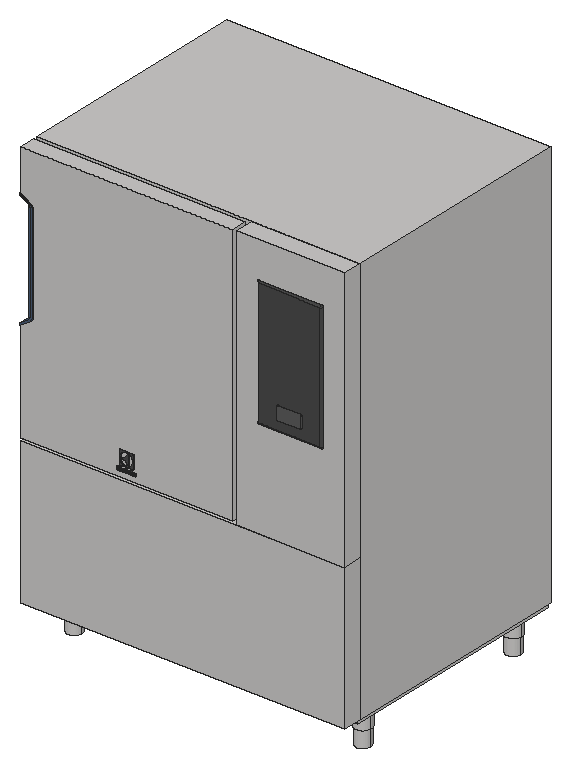
Revit family "QF_ELECTROLUXPROFESSIONAL_727908_EBFA12HE", category Specialty Equipment, Revit 2018 (continued)
Lines and regions (mm)
  Split face 221
    outline origin (170.176, -292.149, -222.619) x (-1, 0, 0) y (0, 0, -1)
      loop
        line (846.638, -548.639) -> (956.654, -548.639) -> (956.654, -543.665) -> (846.638, -543.665) -> (846.638, -548.639)
  Split face 222
    outline origin (170.176, -292.149, -213.119) x (-1, 0, 0) y (0, 0, -1)
      loop
        line (846.638, -548.639) -> (956.654, -548.639) -> (956.654, -543.665) -> (846.638, -543.665) -> (846.638, -548.639)
  Split face 223
    outline origin (170.176, -292.149, -203.619) x (-1, 0, 0) y (0, 0, -1)
      loop
        line (846.638, -548.639) -> (956.654, -548.639) -> (956.654, -543.665) -> (846.638, -543.665) -> (846.638, -548.639)
  Split face 224
    outline origin (170.176, -292.149, -194.118) x (-1, 0, 0) y (0, 0, -1)
      loop
        line (846.638, -548.639) -> (956.654, -548.639) -> (956.654, -543.665) -> (846.638, -543.665) -> (846.638, -548.639)
  Split face 225
    outline origin (170.176, -292.149, -184.618) x (-1, 0, 0) y (0, 0, -1)
      loop
        line (846.638, -548.639) -> (956.654, -548.639) -> (956.654, -543.665) -> (846.638, -543.665) -> (846.638, -548.639)
  Split face 226
    outline origin (170.176, -292.149, -175.118) x (-1, 0, 0) y (0, 0, -1)
      loop
        line (846.638, -548.639) -> (956.654, -548.639) -> (956.654, -543.665) -> (846.638, -543.665) -> (846.638, -548.639)
  Split face 227
    outline origin (170.176, -292.149, -165.618) x (-1, 0, 0) y (0, 0, -1)
      loop
        line (846.638, -548.639) -> (956.654, -548.639) -> (956.654, -543.665) -> (846.638, -543.665) -> (846.638, -548.639)
  Split face 228
    outline origin (170.176, -292.149, -156.118) x (-1, 0, 0) y (0, 0, -1)
      loop
        line (846.638, -548.639) -> (956.654, -548.639) -> (956.654, -543.665) -> (846.638, -543.665) -> (846.638, -548.639)
  Split face 229
    outline origin (170.176, -292.149, -146.618) x (-1, 0, 0) y (0, 0, -1)
      loop
        line (846.638, -548.639) -> (956.654, -548.639) -> (956.654, -543.665) -> (846.638, -543.665) -> (846.638, -548.639)
  Split face 230
    outline origin (170.176, -292.149, -137.118) x (-1, 0, 0) y (0, 0, -1)
      loop
        line (846.638, -548.639) -> (956.654, -548.639) -> (956.654, -543.665) -> (846.638, -543.665) -> (846.638, -548.639)
  Split face 231
    outline origin (170.176, -292.149, -127.618) x (-1, 0, 0) y (0, 0, -1)
      loop
        line (846.638, -548.639) -> (956.654, -548.639) -> (956.654, -543.665) -> (846.638, -543.665) -> (846.638, -548.639)
  Split face 232
    outline origin (170.176, -292.149, -118.118) x (-1, 0, 0) y (0, 0, -1)
      loop
        line (846.638, -548.639) -> (956.654, -548.639) -> (956.654, -543.665) -> (846.638, -543.665) -> (846.638, -548.639)
  Split face 233
    outline origin (170.176, -292.149, -108.618) x (-1, 0, 0) y (0, 0, -1)
      loop
        line (846.638, -548.639) -> (956.654, -548.639) -> (956.654, -543.665) -> (846.638, -543.665) -> (846.638, -548.639)
  Split face 234
    outline origin (170.176, -292.149, -99.118) x (-1, 0, 0) y (0, 0, -1)
      loop
        line (846.638, -548.639) -> (956.654, -548.639) -> (956.654, -543.665) -> (846.638, -543.665) -> (846.638, -548.639)
  Split face 235
    outline origin (170.176, -292.149, -89.618) x (-1, 0, 0) y (0, 0, -1)
      loop
        line (846.638, -548.639) -> (956.654, -548.639) -> (956.654, -543.665) -> (846.638, -543.665) -> (846.638, -548.639)
  Split face 236
    outline origin (170.176, -292.149, -80.117) x (-1, 0, 0) y (0, 0, -1)
      loop
        line (846.638, -548.639) -> (956.654, -548.639) -> (956.654, -543.665) -> (846.638, -543.665) -> (846.638, -548.639)
  Split face 237
    outline origin (170.176, -292.149, -70.617) x (-1, 0, 0) y (0, 0, -1)
      loop
        line (846.638, -548.639) -> (956.654, -548.639) -> (956.654, -543.665) -> (846.638, -543.665) -> (846.638, -548.639)
  Split face 238
    outline origin (170.176, -292.149, -61.117) x (-1, 0, 0) y (0, 0, -1)
      loop
        line (846.638, -548.639) -> (956.654, -548.639) -> (956.654, -543.665) -> (846.638, -543.665) -> (846.638, -548.639)
  Split face 239
    outline origin (170.176, -292.149, -51.617) x (-1, 0, 0) y (0, 0, -1)
      loop
        line (846.638, -548.639) -> (956.654, -548.639) -> (956.654, -543.665) -> (846.638, -543.665) -> (846.638, -548.639)
  Split face 240
    outline origin (170.176, -292.149, -42.117) x (-1, 0, 0) y (0, 0, -1)
      loop
        line (846.638, -548.639) -> (956.654, -548.639) -> (956.654, -543.665) -> (846.638, -543.665) -> (846.638, -548.639)
  Split face 241
    outline origin (170.176, -292.149, -32.617) x (-1, 0, 0) y (0, 0, -1)
      loop
        line (846.638, -548.639) -> (956.654, -548.639) -> (956.654, -543.665) -> (846.638, -543.665) -> (846.638, -548.639)
  Split face 242
    outline origin (170.176, -292.149, -23.117) x (-1, 0, 0) y (0, 0, -1)
      loop
        line (846.638, -548.639) -> (956.654, -548.639) -> (956.654, -543.665) -> (846.638, -543.665) -> (846.638, -548.639)
  Split face 243
    outline origin (170.176, -292.149, -13.617) x (-1, 0, 0) y (0, 0, -1)
      loop
        line (846.638, -548.639) -> (956.654, -548.639) -> (956.654, -543.665) -> (846.638, -543.665) -> (846.638, -548.639)
  Split face 244
    outline origin (170.176, -292.149, -4.117) x (-1, 0, 0) y (0, 0, -1)
      loop
        line (846.638, -548.639) -> (956.654, -548.639) -> (956.654, -543.665) -> (846.638, -543.665) -> (846.638, -548.639)
  Split face 245
    outline origin (170.176, -292.149, 5.383) x (-1, 0, 0) y (0, 0, -1)
      loop
        line (846.638, -548.639) -> (956.654, -548.639) -> (956.654, -543.665) -> (846.638, -543.665) -> (846.638, -548.639)
  Split face 246
    outline origin (170.176, -292.149, 14.883) x (-1, 0, 0) y (0, 0, -1)
      loop
        line (846.638, -548.639) -> (956.654, -548.639) -> (956.654, -543.665) -> (846.638, -543.665) -> (846.638, -548.639)
  Split face 247
    outline origin (50.185, -292.149, -365.12) x (-1, 0, 0) y (0, 0, -1)
      loop
        line (846.638, -548.639) -> (956.654, -548.639) -> (956.654, -543.665) -> (846.638, -543.665) -> (846.638, -548.639)
  Split face 248
    outline origin (50.185, -292.149, -355.62) x (-1, 0, 0) y (0, 0, -1)
      loop
        line (846.638, -548.639) -> (956.654, -548.639) -> (956.654, -543.665) -> (846.638, -543.665) -> (846.638, -548.639)
  Split face 249
    outline origin (50.185, -292.149, -346.12) x (-1, 0, 0) y (0, 0, -1)
      loop
        line (846.638, -548.639) -> (956.654, -548.639) -> (956.654, -543.665) -> (846.638, -543.665) -> (846.638, -548.639)
  Split face 250
    outline origin (50.185, -292.149, -336.62) x (-1, 0, 0) y (0, 0, -1)
      loop
        line (846.638, -548.639) -> (956.654, -548.639) -> (956.654, -543.665) -> (846.638, -543.665) -> (846.638, -548.639)
  Split face 251
    outline origin (50.185, -292.149, -327.12) x (-1, 0, 0) y (0, 0, -1)
      loop
        line (846.638, -548.639) -> (956.654, -548.639) -> (956.654, -543.665) -> (846.638, -543.665) -> (846.638, -548.639)
  Split face 252
    outline origin (50.185, -292.149, -317.619) x (-1, 0, 0) y (0, 0, -1)
      loop
        line (846.638, -548.639) -> (956.654, -548.639) -> (956.654, -543.665) -> (846.638, -543.665) -> (846.638, -548.639)
  Split face 253
    outline origin (50.185, -292.149, -308.119) x (-1, 0, 0) y (0, 0, -1)
      loop
        line (846.638, -548.639) -> (956.654, -548.639) -> (956.654, -543.665) -> (846.638, -543.665) -> (846.638, -548.639)
  Split face 254
    outline origin (50.185, -292.149, -298.619) x (-1, 0, 0) y (0, 0, -1)
      loop
        line (846.638, -548.639) -> (956.654, -548.639) -> (956.654, -543.665) -> (846.638, -543.665) -> (846.638, -548.639)
  Split face 255
    outline origin (50.185, -292.149, -289.119) x (-1, 0, 0) y (0, 0, -1)
      loop
        line (846.638, -548.639) -> (956.654, -548.639) -> (956.654, -543.665) -> (846.638, -543.665) -> (846.638, -548.639)
  Split face 256
    outline origin (50.185, -292.149, -279.619) x (-1, 0, 0) y (0, 0, -1)
      loop
        line (846.638, -548.639) -> (956.654, -548.639) -> (956.654, -543.665) -> (846.638, -543.665) -> (846.638, -548.639)
  Split face 257
    outline origin (50.185, -292.149, -270.119) x (-1, 0, 0) y (0, 0, -1)
      loop
        line (846.638, -548.639) -> (956.654, -548.639) -> (956.654, -543.665) -> (846.638, -543.665) -> (846.638, -548.639)
  Split face 258
    outline origin (50.185, -292.149, -260.619) x (-1, 0, 0) y (0, 0, -1)
      loop
        line (846.638, -548.639) -> (956.654, -548.639) -> (956.654, -543.665) -> (846.638, -543.665) -> (846.638, -548.639)
  Split face 259
    outline origin (50.185, -292.149, -251.119) x (-1, 0, 0) y (0, 0, -1)
      loop
        line (846.638, -548.639) -> (956.654, -548.639) -> (956.654, -543.665) -> (846.638, -543.665) -> (846.638, -548.639)
  Split face 260
    outline origin (50.185, -292.149, -241.619) x (-1, 0, 0) y (0, 0, -1)
      loop
        line (846.638, -548.639) -> (956.654, -548.639) -> (956.654, -543.665) -> (846.638, -543.665) -> (846.638, -548.639)
  Split face 261
    outline origin (50.185, -292.149, -232.119) x (-1, 0, 0) y (0, 0, -1)
      loop
        line (846.638, -548.639) -> (956.654, -548.639) -> (956.654, -543.665) -> (846.638, -543.665) -> (846.638, -548.639)
  Split face 262
    outline origin (50.185, -292.149, -222.619) x (-1, 0, 0) y (0, 0, -1)
      loop
        line (846.638, -548.639) -> (956.654, -548.639) -> (956.654, -543.665) -> (846.638, -543.665) -> (846.638, -548.639)
  Split face 263
    outline origin (50.185, -292.149, -213.119) x (-1, 0, 0) y (0, 0, -1)
      loop
        line (846.638, -548.639) -> (956.654, -548.639) -> (956.654, -543.665) -> (846.638, -543.665) -> (846.638, -548.639)
  Split face 264
    outline origin (50.185, -292.149, -203.619) x (-1, 0, 0) y (0, 0, -1)
      loop
        line (846.638, -548.639) -> (956.654, -548.639) -> (956.654, -543.665) -> (846.638, -543.665) -> (846.638, -548.639)
  Split face 265
    outline origin (50.185, -292.149, -194.118) x (-1, 0, 0) y (0, 0, -1)
      loop
        line (846.638, -548.639) -> (956.654, -548.639) -> (956.654, -543.665) -> (846.638, -543.665) -> (846.638, -548.639)
  Split face 266
    outline origin (50.185, -292.149, -184.618) x (-1, 0, 0) y (0, 0, -1)
      loop
        line (846.638, -548.639) -> (956.654, -548.639) -> (956.654, -543.665) -> (846.638, -543.665) -> (846.638, -548.639)
  Split face 267
    outline origin (50.185, -292.149, -175.118) x (-1, 0, 0) y (0, 0, -1)
      loop
        line (846.638, -548.639) -> (956.654, -548.639) -> (956.654, -543.665) -> (846.638, -543.665) -> (846.638, -548.639)
  Split face 268
    outline origin (50.185, -292.149, -165.618) x (-1, 0, 0) y (0, 0, -1)
      loop
        line (846.638, -548.639) -> (956.654, -548.639) -> (956.654, -543.665) -> (846.638, -543.665) -> (846.638, -548.639)
  Split face 269
    outline origin (50.185, -292.149, -156.118) x (-1, 0, 0) y (0, 0, -1)
      loop
        line (846.638, -548.639) -> (956.654, -548.639) -> (956.654, -543.665) -> (846.638, -543.665) -> (846.638, -548.639)
  Split face 270
    outline origin (50.185, -292.149, -146.618) x (-1, 0, 0) y (0, 0, -1)
      loop
        line (846.638, -548.639) -> (956.654, -548.639) -> (956.654, -543.665) -> (846.638, -543.665) -> (846.638, -548.639)
  Split face 271
    outline origin (50.185, -292.149, -137.118) x (-1, 0, 0) y (0, 0, -1)
      loop
        line (846.638, -548.639) -> (956.654, -548.639) -> (956.654, -543.665) -> (846.638, -543.665) -> (846.638, -548.639)
  Split face 272
    outline origin (50.185, -292.149, -127.618) x (-1, 0, 0) y (0, 0, -1)
      loop
        line (846.638, -548.639) -> (956.654, -548.639) -> (956.654, -543.665) -> (846.638, -543.665) -> (846.638, -548.639)
  Split face 273
    outline origin (50.185, -292.149, -118.118) x (-1, 0, 0) y (0, 0, -1)
      loop
        line (846.638, -548.639) -> (956.654, -548.639) -> (956.654, -543.665) -> (846.638, -543.665) -> (846.638, -548.639)
  Split face 274
    outline origin (50.185, -292.149, -108.618) x (-1, 0, 0) y (0, 0, -1)
      loop
        line (846.638, -548.639) -> (956.654, -548.639) -> (956.654, -543.665) -> (846.638, -543.665) -> (846.638, -548.639)
  Split face 275
    outline origin (50.185, -292.149, -99.118) x (-1, 0, 0) y (0, 0, -1)
      loop
        line (846.638, -548.639) -> (956.654, -548.639) -> (956.654, -543.665) -> (846.638, -543.665) -> (846.638, -548.639)
  Split face 276
    outline origin (50.185, -292.149, -89.618) x (-1, 0, 0) y (0, 0, -1)
      loop
        line (846.638, -548.639) -> (956.654, -548.639) -> (956.654, -543.665) -> (846.638, -543.665) -> (846.638, -548.639)
  Split face 277
    outline origin (50.185, -292.149, -80.117) x (-1, 0, 0) y (0, 0, -1)
      loop
        line (846.638, -548.639) -> (956.654, -548.639) -> (956.654, -543.665) -> (846.638, -543.665) -> (846.638, -548.639)
  Split face 278
    outline origin (50.185, -292.149, -70.617) x (-1, 0, 0) y (0, 0, -1)
      loop
        line (846.638, -548.639) -> (956.654, -548.639) -> (956.654, -543.665) -> (846.638, -543.665) -> (846.638, -548.639)
  Split face 279
    outline origin (50.185, -292.149, -61.117) x (-1, 0, 0) y (0, 0, -1)
      loop
        line (846.638, -548.639) -> (956.654, -548.639) -> (956.654, -543.665) -> (846.638, -543.665) -> (846.638, -548.639)
  Split face 280
    outline origin (50.185, -292.149, -51.617) x (-1, 0, 0) y (0, 0, -1)
      loop
        line (846.638, -548.639) -> (956.654, -548.639) -> (956.654, -543.665) -> (846.638, -543.665) -> (846.638, -548.639)
  Split face 281
    outline origin (50.185, -292.149, -42.117) x (-1, 0, 0) y (0, 0, -1)
      loop
        line (846.638, -548.639) -> (956.654, -548.639) -> (956.654, -543.665) -> (846.638, -543.665) -> (846.638, -548.639)
  Split face 282
    outline origin (50.185, -292.149, -32.617) x (-1, 0, 0) y (0, 0, -1)
      loop
        line (846.638, -548.639) -> (956.654, -548.639) -> (956.654, -543.665) -> (846.638, -543.665) -> (846.638, -548.639)
  Split face 283
    outline origin (50.185, -292.149, -23.117) x (-1, 0, 0) y (0, 0, -1)
      loop
        line (846.638, -548.639) -> (956.654, -548.639) -> (956.654, -543.665) -> (846.638, -543.665) -> (846.638, -548.639)
  Split face 284
    outline origin (50.185, -292.149, -13.617) x (-1, 0, 0) y (0, 0, -1)
      loop
        line (846.638, -548.639) -> (956.654, -548.639) -> (956.654, -543.665) -> (846.638, -543.665) -> (846.638, -548.639)
  Split face 285
    outline origin (50.185, -292.149, -4.117) x (-1, 0, 0) y (0, 0, -1)
      loop
        line (846.638, -548.639) -> (956.654, -548.639) -> (956.654, -543.665) -> (846.638, -543.665) -> (846.638, -548.639)
  Split face 286
    outline origin (50.185, -292.149, 5.383) x (-1, 0, 0) y (0, 0, -1)
      loop
        line (846.638, -548.639) -> (956.654, -548.639) -> (956.654, -543.665) -> (846.638, -543.665) -> (846.638, -548.639)
  Split face 287
    outline origin (50.185, -292.149, 14.883) x (-1, 0, 0) y (0, 0, -1)
      loop
        line (846.638, -548.639) -> (956.654, -548.639) -> (956.654, -543.665) -> (846.638, -543.665) -> (846.638, -548.639)
  Split face 288
    outline origin (530.15, -292.149, -365.12) x (-1, 0, 0) y (0, 0, -1)
      loop
        line (846.638, -548.639) -> (956.654, -548.639) -> (956.654, -543.665) -> (846.638, -543.665) -> (846.638, -548.639)
  Split face 289
    outline origin (530.15, -292.149, -355.62) x (-1, 0, 0) y (0, 0, -1)
      loop
        line (846.638, -548.639) -> (956.654, -548.639) -> (956.654, -543.665) -> (846.638, -543.665) -> (846.638, -548.639)
  Split face 290
    outline origin (530.15, -292.149, -346.12) x (-1, 0, 0) y (0, 0, -1)
      loop
        line (846.638, -548.639) -> (956.654, -548.639) -> (956.654, -543.665) -> (846.638, -543.665) -> (846.638, -548.639)
  Split face 291
    outline origin (530.15, -292.149, -336.62) x (-1, 0, 0) y (0, 0, -1)
      loop
        line (846.638, -548.639) -> (956.654, -548.639) -> (956.654, -543.665) -> (846.638, -543.665) -> (846.638, -548.639)
  Split face 292
    outline origin (530.15, -292.149, -327.12) x (-1, 0, 0) y (0, 0, -1)
      loop
        line (846.638, -548.639) -> (956.654, -548.639) -> (956.654, -543.665) -> (846.638, -543.665) -> (846.638, -548.639)
  Split face 293
    outline origin (530.15, -292.149, -317.619) x (-1, 0, 0) y (0, 0, -1)
      loop
        line (846.638, -548.639) -> (956.654, -548.639) -> (956.654, -543.665) -> (846.638, -543.665) -> (846.638, -548.639)
  Split face 294
    outline origin (530.15, -292.149, -308.119) x (-1, 0, 0) y (0, 0, -1)
      loop
        line (846.638, -548.639) -> (956.654, -548.639) -> (956.654, -543.665) -> (846.638, -543.665) -> (846.638, -548.639)
  Split face 295
    outline origin (530.15, -292.149, -298.619) x (-1, 0, 0) y (0, 0, -1)
      loop
        line (846.638, -548.639) -> (956.654, -548.639) -> (956.654, -543.665) -> (846.638, -543.665) -> (846.638, -548.639)
  Split face 296
    outline origin (530.15, -292.149, -289.119) x (-1, 0, 0) y (0, 0, -1)
      loop
        line (846.638, -548.639) -> (956.654, -548.639) -> (956.654, -543.665) -> (846.638, -543.665) -> (846.638, -548.639)
  Split face 297
    outline origin (530.15, -292.149, -279.619) x (-1, 0, 0) y (0, 0, -1)
      loop
        line (846.638, -548.639) -> (956.654, -548.639) -> (956.654, -543.665) -> (846.638, -543.665) -> (846.638, -548.639)
  Split face 298
    outline origin (530.15, -292.149, -270.119) x (-1, 0, 0) y (0, 0, -1)
      loop
        line (846.638, -548.639) -> (956.654, -548.639) -> (956.654, -543.665) -> (846.638, -543.665) -> (846.638, -548.639)
  Split face 299
    outline origin (530.15, -292.149, -260.619) x (-1, 0, 0) y (0, 0, -1)
      loop
        line (846.638, -548.639) -> (956.654, -548.639) -> (956.654, -543.665) -> (846.638, -543.665) -> (846.638, -548.639)
  Split face 300
    outline origin (530.15, -292.149, -251.119) x (-1, 0, 0) y (0, 0, -1)
      loop
        line (846.638, -548.639) -> (956.654, -548.639) -> (956.654, -543.665) -> (846.638, -543.665) -> (846.638, -548.639)
  Split face 301
    outline origin (530.15, -292.149, -241.619) x (-1, 0, 0) y (0, 0, -1)
      loop
        line (846.638, -548.639) -> (956.654, -548.639) -> (956.654, -543.665) -> (846.638, -543.665) -> (846.638, -548.639)
  Split face 302
    outline origin (530.15, -292.149, -232.119) x (-1, 0, 0) y (0, 0, -1)
      loop
        line (846.638, -548.639) -> (956.654, -548.639) -> (956.654, -543.665) -> (846.638, -543.665) -> (846.638, -548.639)
  Split face 303
    outline origin (530.15, -292.149, -222.619) x (-1, 0, 0) y (0, 0, -1)
      loop
        line (846.638, -548.639) -> (956.654, -548.639) -> (956.654, -543.665) -> (846.638, -543.665) -> (846.638, -548.639)
  Split face 304
    outline origin (530.15, -292.149, -213.119) x (-1, 0, 0) y (0, 0, -1)
      loop
        line (846.638, -548.639) -> (956.654, -548.639) -> (956.654, -543.665) -> (846.638, -543.665) -> (846.638, -548.639)
  Split face 305
    outline origin (530.15, -292.149, -203.619) x (-1, 0, 0) y (0, 0, -1)
      loop
        line (846.638, -548.639) -> (956.654, -548.639) -> (956.654, -543.665) -> (846.638, -543.665) -> (846.638, -548.639)
  Split face 306
    outline origin (530.15, -292.149, -194.118) x (-1, 0, 0) y (0, 0, -1)
      loop
        line (846.638, -548.639) -> (956.654, -548.639) -> (956.654, -543.665) -> (846.638, -543.665) -> (846.638, -548.639)
  Split face 307
    outline origin (530.15, -292.149, -184.618) x (-1, 0, 0) y (0, 0, -1)
      loop
        line (846.638, -548.639) -> (956.654, -548.639) -> (956.654, -543.665) -> (846.638, -543.665) -> (846.638, -548.639)
  Split face 308
    outline origin (530.15, -292.149, -175.118) x (-1, 0, 0) y (0, 0, -1)
      loop
        line (846.638, -548.639) -> (956.654, -548.639) -> (956.654, -543.665) -> (846.638, -543.665) -> (846.638, -548.639)
  Split face 309
    outline origin (530.15, -292.149, -165.618) x (-1, 0, 0) y (0, 0, -1)
      loop
        line (846.638, -548.639) -> (956.654, -548.639) -> (956.654, -543.665) -> (846.638, -543.665) -> (846.638, -548.639)
  Split face 310
    outline origin (530.15, -292.149, -156.118) x (-1, 0, 0) y (0, 0, -1)
      loop
        line (846.638, -548.639) -> (956.654, -548.639) -> (956.654, -543.665) -> (846.638, -543.665) -> (846.638, -548.639)
  Split face 311
    outline origin (530.15, -292.149, -146.618) x (-1, 0, 0) y (0, 0, -1)
      loop
        line (846.638, -548.639) -> (956.654, -548.639) -> (956.654, -543.665) -> (846.638, -543.665) -> (846.638, -548.639)
  Split face 312
    outline origin (530.15, -292.149, -137.118) x (-1, 0, 0) y (0, 0, -1)
      loop
        line (846.638, -548.639) -> (956.654, -548.639) -> (956.654, -543.665) -> (846.638, -543.665) -> (846.638, -548.639)
  Split face 313
    outline origin (530.15, -292.149, -127.618) x (-1, 0, 0) y (0, 0, -1)
      loop
        line (846.638, -548.639) -> (956.654, -548.639) -> (956.654, -543.665) -> (846.638, -543.665) -> (846.638, -548.639)
  Split face 314
    outline origin (530.15, -292.149, -118.118) x (-1, 0, 0) y (0, 0, -1)
      loop
        line (846.638, -548.639) -> (956.654, -548.639) -> (956.654, -543.665) -> (846.638, -543.665) -> (846.638, -548.639)
  Split face 315
    outline origin (530.15, -292.149, -108.618) x (-1, 0, 0) y (0, 0, -1)
      loop
        line (846.638, -548.639) -> (956.654, -548.639) -> (956.654, -543.665) -> (846.638, -543.665) -> (846.638, -548.639)
  Split face 316
    outline origin (530.15, -292.149, -99.118) x (-1, 0, 0) y (0, 0, -1)
      loop
        line (846.638, -548.639) -> (956.654, -548.639) -> (956.654, -543.665) -> (846.638, -543.665) -> (846.638, -548.639)
  Split face 317
    outline origin (530.15, -292.149, -89.618) x (-1, 0, 0) y (0, 0, -1)
      loop
        line (846.638, -548.639) -> (956.654, -548.639) -> (956.654, -543.665) -> (846.638, -543.665) -> (846.638, -548.639)
  Split face 318
    outline origin (530.15, -292.149, -80.117) x (-1, 0, 0) y (0, 0, -1)
      loop
        line (846.638, -548.639) -> (956.654, -548.639) -> (956.654, -543.665) -> (846.638, -543.665) -> (846.638, -548.639)
  Split face 319
    outline origin (530.15, -292.149, -70.617) x (-1, 0, 0) y (0, 0, -1)
      loop
        line (846.638, -548.639) -> (956.654, -548.639) -> (956.654, -543.665) -> (846.638, -543.665) -> (846.638, -548.639)
  Split face 320
    outline origin (530.15, -292.149, -61.117) x (-1, 0, 0) y (0, 0, -1)
      loop
        line (846.638, -548.639) -> (956.654, -548.639) -> (956.654, -543.665) -> (846.638, -543.665) -> (846.638, -548.639)
  Split face 321
    outline origin (530.15, -292.149, -51.617) x (-1, 0, 0) y (0, 0, -1)
      loop
        line (846.638, -548.639) -> (956.654, -548.639) -> (956.654, -543.665) -> (846.638, -543.665) -> (846.638, -548.639)
  Split face 322
    outline origin (530.15, -292.149, -42.117) x (-1, 0, 0) y (0, 0, -1)
      loop
        line (846.638, -548.639) -> (956.654, -548.639) -> (956.654, -543.665) -> (846.638, -543.665) -> (846.638, -548.639)
  Split face 323
    outline origin (530.15, -292.149, -32.617) x (-1, 0, 0) y (0, 0, -1)
      loop
        line (846.638, -548.639) -> (956.654, -548.639) -> (956.654, -543.665) -> (846.638, -543.665) -> (846.638, -548.639)
  Split face 324
    outline origin (530.15, -292.149, -23.117) x (-1, 0, 0) y (0, 0, -1)
      loop
        line (846.638, -548.639) -> (956.654, -548.639) -> (956.654, -543.665) -> (846.638, -543.665) -> (846.638, -548.639)
  Split face 325
    outline origin (530.15, -292.149, -13.617) x (-1, 0, 0) y (0, 0, -1)
      loop
        line (846.638, -548.639) -> (956.654, -548.639) -> (956.654, -543.665) -> (846.638, -543.665) -> (846.638, -548.639)
  Split face 326
    outline origin (530.15, -292.149, -4.117) x (-1, 0, 0) y (0, 0, -1)
      loop
        line (846.638, -548.639) -> (956.654, -548.639) -> (956.654, -543.665) -> (846.638, -543.665) -> (846.638, -548.639)
  Split face 327
    outline origin (530.15, -292.149, 5.383) x (-1, 0, 0) y (0, 0, -1)
      loop
        line (846.638, -548.639) -> (956.654, -548.639) -> (956.654, -543.665) -> (846.638, -543.665) -> (846.638, -548.639)
  Split face 328
    outline origin (530.15, -292.149, 14.883) x (-1, 0, 0) y (0, 0, -1)
      loop
        line (846.638, -548.639) -> (956.654, -548.639) -> (956.654, -543.665) -> (846.638, -543.665) -> (846.638, -548.639)
  Split face 329
    outline origin (410.159, -292.149, -365.12) x (-1, 0, 0) y (0, 0, -1)
      loop
        line (846.638, -548.639) -> (956.654, -548.639) -> (956.654, -543.665) -> (846.638, -543.665) -> (846.638, -548.639)
  Split face 330
    outline origin (410.159, -292.149, -355.62) x (-1, 0, 0) y (0, 0, -1)
      loop
        line (846.638, -548.639) -> (956.654, -548.639) -> (956.654, -543.665) -> (846.638, -543.665) -> (846.638, -548.639)
  Split face 331
    outline origin (410.159, -292.149, -346.12) x (-1, 0, 0) y (0, 0, -1)
      loop
        line (846.638, -548.639) -> (956.654, -548.639) -> (956.654, -543.665) -> (846.638, -543.665) -> (846.638, -548.639)
  Split face 332
    outline origin (410.159, -292.149, -336.62) x (-1, 0, 0) y (0, 0, -1)
      loop
        line (846.638, -548.639) -> (956.654, -548.639) -> (956.654, -543.665) -> (846.638, -543.665) -> (846.638, -548.639)
  Split face 333
    outline origin (410.159, -292.149, -327.12) x (-1, 0, 0) y (0, 0, -1)
      loop
        line (846.638, -548.639) -> (956.654, -548.639) -> (956.654, -543.665) -> (846.638, -543.665) -> (846.638, -548.639)
  Split face 334
    outline origin (410.159, -292.149, -317.619) x (-1, 0, 0) y (0, 0, -1)
      loop
        line (846.638, -548.639) -> (956.654, -548.639) -> (956.654, -543.665) -> (846.638, -543.665) -> (846.638, -548.639)
  Split face 335
    outline origin (410.159, -292.149, -308.119) x (-1, 0, 0) y (0, 0, -1)
      loop
        line (846.638, -548.639) -> (956.654, -548.639) -> (956.654, -543.665) -> (846.638, -543.665) -> (846.638, -548.639)
  Split face 336
    outline origin (410.159, -292.149, -298.619) x (-1, 0, 0) y (0, 0, -1)
      loop
        line (846.638, -548.639) -> (956.654, -548.639) -> (956.654, -543.665) -> (846.638, -543.665) -> (846.638, -548.639)
  Split face 337
    outline origin (410.159, -292.149, -289.119) x (-1, 0, 0) y (0, 0, -1)
      loop
        line (846.638, -548.639) -> (956.654, -548.639) -> (956.654, -543.665) -> (846.638, -543.665) -> (846.638, -548.639)
  Split face 338
    outline origin (410.159, -292.149, -279.619) x (-1, 0, 0) y (0, 0, -1)
      loop
        line (846.638, -548.639) -> (956.654, -548.639) -> (956.654, -543.665) -> (846.638, -543.665) -> (846.638, -548.639)
  Split face 339
    outline origin (410.159, -292.149, -270.119) x (-1, 0, 0) y (0, 0, -1)
      loop
        line (846.638, -548.639) -> (956.654, -548.639) -> (956.654, -543.665) -> (846.638, -543.665) -> (846.638, -548.639)
  Split face 340
    outline origin (410.159, -292.149, -260.619) x (-1, 0, 0) y (0, 0, -1)
      loop
        line (846.638, -548.639) -> (956.654, -548.639) -> (956.654, -543.665) -> (846.638, -543.665) -> (846.638, -548.639)
  Split face 341
    outline origin (410.159, -292.149, -251.119) x (-1, 0, 0) y (0, 0, -1)
      loop
        line (846.638, -548.639) -> (956.654, -548.639) -> (956.654, -543.665) -> (846.638, -543.665) -> (846.638, -548.639)
  Split face 342
    outline origin (410.159, -292.149, -241.619) x (-1, 0, 0) y (0, 0, -1)
      loop
        line (846.638, -548.639) -> (956.654, -548.639) -> (956.654, -543.665) -> (846.638, -543.665) -> (846.638, -548.639)
  Split face 343
    outline origin (410.159, -292.149, -232.119) x (-1, 0, 0) y (0, 0, -1)
      loop
        line (846.638, -548.639) -> (956.654, -548.639) -> (956.654, -543.665) -> (846.638, -543.665) -> (846.638, -548.639)
  Split face 344
    outline origin (410.159, -292.149, -222.619) x (-1, 0, 0) y (0, 0, -1)
      loop
        line (846.638, -548.639) -> (956.654, -548.639) -> (956.654, -543.665) -> (846.638, -543.665) -> (846.638, -548.639)
  Split face 345
    outline origin (410.159, -292.149, -213.119) x (-1, 0, 0) y (0, 0, -1)
      loop
        line (846.638, -548.639) -> (956.654, -548.639) -> (956.654, -543.665) -> (846.638, -543.665) -> (846.638, -548.639)
  Split face 346
    outline origin (410.159, -292.149, -203.619) x (-1, 0, 0) y (0, 0, -1)
      loop
        line (846.638, -548.639) -> (956.654, -548.639) -> (956.654, -543.665) -> (846.638, -543.665) -> (846.638, -548.639)
  Split face 347
    outline origin (410.159, -292.149, -194.118) x (-1, 0, 0) y (0, 0, -1)
      loop
        line (846.638, -548.639) -> (956.654, -548.639) -> (956.654, -543.665) -> (846.638, -543.665) -> (846.638, -548.639)
  Split face 348
    outline origin (410.159, -292.149, -184.618) x (-1, 0, 0) y (0, 0, -1)
      loop
        line (846.638, -548.639) -> (956.654, -548.639) -> (956.654, -543.665) -> (846.638, -543.665) -> (846.638, -548.639)
  Split face 349
    outline origin (410.159, -292.149, -175.118) x (-1, 0, 0) y (0, 0, -1)
      loop
        line (846.638, -548.639) -> (956.654, -548.639) -> (956.654, -543.665) -> (846.638, -543.665) -> (846.638, -548.639)
  Split face 350
    outline origin (410.159, -292.149, -165.618) x (-1, 0, 0) y (0, 0, -1)
      loop
        line (846.638, -548.639) -> (956.654, -548.639) -> (956.654, -543.665) -> (846.638, -543.665) -> (846.638, -548.639)
  Split face 351
    outline origin (410.159, -292.149, -156.118) x (-1, 0, 0) y (0, 0, -1)
      loop
        line (846.638, -548.639) -> (956.654, -548.639) -> (956.654, -543.665) -> (846.638, -543.665) -> (846.638, -548.639)
  Split face 352
    outline origin (410.159, -292.149, -146.618) x (-1, 0, 0) y (0, 0, -1)
      loop
        line (846.638, -548.639) -> (956.654, -548.639) -> (956.654, -543.665) -> (846.638, -543.665) -> (846.638, -548.639)
  Split face 353
    outline origin (410.159, -292.149, -137.118) x (-1, 0, 0) y (0, 0, -1)
      loop
        line (846.638, -548.639) -> (956.654, -548.639) -> (956.654, -543.665) -> (846.638, -543.665) -> (846.638, -548.639)
  Split face 354
    outline origin (410.159, -292.149, -127.618) x (-1, 0, 0) y (0, 0, -1)
      loop
        line (846.638, -548.639) -> (956.654, -548.639) -> (956.654, -543.665) -> (846.638, -543.665) -> (846.638, -548.639)
  Split face 355
    outline origin (410.159, -292.149, -118.118) x (-1, 0, 0) y (0, 0, -1)
      loop
        line (846.638, -548.639) -> (956.654, -548.639) -> (956.654, -543.665) -> (846.638, -543.665) -> (846.638, -548.639)
  Split face 356
    outline origin (410.159, -292.149, -108.618) x (-1, 0, 0) y (0, 0, -1)
      loop
        line (846.638, -548.639) -> (956.654, -548.639) -> (956.654, -543.665) -> (846.638, -543.665) -> (846.638, -548.639)
  Split face 357
    outline origin (410.159, -292.149, -99.118) x (-1, 0, 0) y (0, 0, -1)
      loop
        line (846.638, -548.639) -> (956.654, -548.639) -> (956.654, -543.665) -> (846.638, -543.665) -> (846.638, -548.639)
  Split face 358
    outline origin (410.159, -292.149, -89.618) x (-1, 0, 0) y (0, 0, -1)
      loop
        line (846.638, -548.639) -> (956.654, -548.639) -> (956.654, -543.665) -> (846.638, -543.665) -> (846.638, -548.639)
  Split face 359
    outline origin (410.159, -292.149, -80.117) x (-1, 0, 0) y (0, 0, -1)
      loop
        line (846.638, -548.639) -> (956.654, -548.639) -> (956.654, -543.665) -> (846.638, -543.665) -> (846.638, -548.639)
  Split face 360
    outline origin (410.159, -292.149, -70.617) x (-1, 0, 0) y (0, 0, -1)
      loop
        line (846.638, -548.639) -> (956.654, -548.639) -> (956.654, -543.665) -> (846.638, -543.665) -> (846.638, -548.639)
  Split face 361
    outline origin (410.159, -292.149, -61.117) x (-1, 0, 0) y (0, 0, -1)
      loop
        line (846.638, -548.639) -> (956.654, -548.639) -> (956.654, -543.665) -> (846.638, -543.665) -> (846.638, -548.639)
  Split face 362
    outline origin (410.159, -292.149, -51.617) x (-1, 0, 0) y (0, 0, -1)
      loop
        line (846.638, -548.639) -> (956.654, -548.639) -> (956.654, -543.665) -> (846.638, -543.665) -> (846.638, -548.639)
  Split face 363
    outline origin (410.159, -292.149, -42.117) x (-1, 0, 0) y (0, 0, -1)
      loop
        line (846.638, -548.639) -> (956.654, -548.639) -> (956.654, -543.665) -> (846.638, -543.665) -> (846.638, -548.639)
  Split face 364
    outline origin (410.159, -292.149, -32.617) x (-1, 0, 0) y (0, 0, -1)
      loop
        line (846.638, -548.639) -> (956.654, -548.639) -> (956.654, -543.665) -> (846.638, -543.665) -> (846.638, -548.639)
  Split face 365
    outline origin (410.159, -292.149, -23.117) x (-1, 0, 0) y (0, 0, -1)
      loop
        line (846.638, -548.639) -> (956.654, -548.639) -> (956.654, -543.665) -> (846.638, -543.665) -> (846.638, -548.639)
  Split face 366
    outline origin (410.159, -292.149, -13.617) x (-1, 0, 0) y (0, 0, -1)
      loop
        line (846.638, -548.639) -> (956.654, -548.639) -> (956.654, -543.665) -> (846.638, -543.665) -> (846.638, -548.639)
  Split face 367
    outline origin (410.159, -292.149, -4.117) x (-1, 0, 0) y (0, 0, -1)
      loop
        line (846.638, -548.639) -> (956.654, -548.639) -> (956.654, -543.665) -> (846.638, -543.665) -> (846.638, -548.639)
  Split face 368
    outline origin (410.159, -292.149, 5.383) x (-1, 0, 0) y (0, 0, -1)
      loop
        line (846.638, -548.639) -> (956.654, -548.639) -> (956.654, -543.665) -> (846.638, -543.665) -> (846.638, -548.639)
  Split face 369
    outline origin (410.159, -292.149, 14.883) x (-1, 0, 0) y (0, 0, -1)
      loop
        line (846.638, -548.639) -> (956.654, -548.639) -> (956.654, -543.665) -> (846.638, -543.665) -> (846.638, -548.639)
  Split face 370
    outline origin (650.142, -292.149, -365.12) x (-1, 0, 0) y (0, 0, -1)
      loop
        line (846.638, -548.639) -> (956.654, -548.639) -> (956.654, -543.665) -> (846.638, -543.665) -> (846.638, -548.639)
  Split face 371
    outline origin (650.142, -292.149, -355.62) x (-1, 0, 0) y (0, 0, -1)
      loop
        line (846.638, -548.639) -> (956.654, -548.639) -> (956.654, -543.665) -> (846.638, -543.665) -> (846.638, -548.639)
  Split face 372
    outline origin (650.142, -292.149, -346.12) x (-1, 0, 0) y (0, 0, -1)
      loop
        line (846.638, -548.639) -> (956.654, -548.639) -> (956.654, -543.665) -> (846.638, -543.665) -> (846.638, -548.639)
  Split face 373
    outline origin (650.142, -292.149, -336.62) x (-1, 0, 0) y (0, 0, -1)
      loop
        line (846.638, -548.639) -> (956.654, -548.639) -> (956.654, -543.665) -> (846.638, -543.665) -> (846.638, -548.639)
  Split face 374
    outline origin (650.142, -292.149, -327.12) x (-1, 0, 0) y (0, 0, -1)
      loop
        line (846.638, -548.639) -> (956.654, -548.639) -> (956.654, -543.665) -> (846.638, -543.665) -> (846.638, -548.639)
  Split face 375
    outline origin (650.142, -292.149, -317.619) x (-1, 0, 0) y (0, 0, -1)
      loop
        line (846.638, -548.639) -> (956.654, -548.639) -> (956.654, -543.665) -> (846.638, -543.665) -> (846.638, -548.639)
  Split face 376
    outline origin (650.142, -292.149, -308.119) x (-1, 0, 0) y (0, 0, -1)
      loop
        line (846.638, -548.639) -> (956.654, -548.639) -> (956.654, -543.665) -> (846.638, -543.665) -> (846.638, -548.639)
  Split face 377
    outline origin (650.142, -292.149, -298.619) x (-1, 0, 0) y (0, 0, -1)
      loop
        line (846.638, -548.639) -> (956.654, -548.639) -> (956.654, -543.665) -> (846.638, -543.665) -> (846.638, -548.639)
  Split face 378
    outline origin (650.142, -292.149, -289.119) x (-1, 0, 0) y (0, 0, -1)
      loop
        line (846.638, -548.639) -> (956.654, -548.639) -> (956.654, -543.665) -> (846.638, -543.665) -> (846.638, -548.639)
  Split face 379
    outline origin (650.142, -292.149, -279.619) x (-1, 0, 0) y (0, 0, -1)
      loop
        line (846.638, -548.639) -> (956.654, -548.639) -> (956.654, -543.665) -> (846.638, -543.665) -> (846.638, -548.639)
  Split face 380
    outline origin (650.142, -292.149, -270.119) x (-1, 0, 0) y (0, 0, -1)
      loop
        line (846.638, -548.639) -> (956.654, -548.639) -> (956.654, -543.665) -> (846.638, -543.665) -> (846.638, -548.639)
  Split face 381
    outline origin (650.142, -292.149, -260.619) x (-1, 0, 0) y (0, 0, -1)
      loop
        line (846.638, -548.639) -> (956.654, -548.639) -> (956.654, -543.665) -> (846.638, -543.665) -> (846.638, -548.639)
  Split face 382
    outline origin (650.142, -292.149, -251.119) x (-1, 0, 0) y (0, 0, -1)
      loop
        line (846.638, -548.639) -> (956.654, -548.639) -> (956.654, -543.665) -> (846.638, -543.665) -> (846.638, -548.639)
  Split face 383
    outline origin (650.142, -292.149, -241.619) x (-1, 0, 0) y (0, 0, -1)
      loop
        line (846.638, -548.639) -> (956.654, -548.639) -> (956.654, -543.665) -> (846.638, -543.665) -> (846.638, -548.639)
  Split face 384
    outline origin (650.142, -292.149, -232.119) x (-1, 0, 0) y (0, 0, -1)
      loop
        line (846.638, -548.639) -> (956.654, -548.639) -> (956.654, -543.665) -> (846.638, -543.665) -> (846.638, -548.639)
  Split face 385
    outline origin (650.142, -292.149, -222.619) x (-1, 0, 0) y (0, 0, -1)
      loop
        line (846.638, -548.639) -> (956.654, -548.639) -> (956.654, -543.665) -> (846.638, -543.665) -> (846.638, -548.639)
  Split face 386
    outline origin (650.142, -292.149, -213.119) x (-1, 0, 0) y (0, 0, -1)
      loop
        line (846.638, -548.639) -> (956.654, -548.639) -> (956.654, -543.665) -> (846.638, -543.665) -> (846.638, -548.639)
  Split face 387
    outline origin (650.142, -292.149, -203.619) x (-1, 0, 0) y (0, 0, -1)
      loop
        line (846.638, -548.639) -> (956.654, -548.639) -> (956.654, -543.665) -> (846.638, -543.665) -> (846.638, -548.639)
  Split face 388
    outline origin (650.142, -292.149, -194.118) x (-1, 0, 0) y (0, 0, -1)
      loop
        line (846.638, -548.639) -> (956.654, -548.639) -> (956.654, -543.665) -> (846.638, -543.665) -> (846.638, -548.639)
  Split face 389
    outline origin (650.142, -292.149, -184.618) x (-1, 0, 0) y (0, 0, -1)
      loop
        line (846.638, -548.639) -> (956.654, -548.639) -> (956.654, -543.665) -> (846.638, -543.665) -> (846.638, -548.639)
  Split face 390
    outline origin (650.142, -292.149, -175.118) x (-1, 0, 0) y (0, 0, -1)
      loop
        line (846.638, -548.639) -> (956.654, -548.639) -> (956.654, -543.665) -> (846.638, -543.665) -> (846.638, -548.639)
  Split face 391
    outline origin (650.142, -292.149, -165.618) x (-1, 0, 0) y (0, 0, -1)
      loop
        line (846.638, -548.639) -> (956.654, -548.639) -> (956.654, -543.665) -> (846.638, -543.665) -> (846.638, -548.639)
  Split face 392
    outline origin (650.142, -292.149, -156.118) x (-1, 0, 0) y (0, 0, -1)
      loop
        line (846.638, -548.639) -> (956.654, -548.639) -> (956.654, -543.665) -> (846.638, -543.665) -> (846.638, -548.639)
  Split face 393
    outline origin (650.142, -292.149, -146.618) x (-1, 0, 0) y (0, 0, -1)
      loop
        line (846.638, -548.639) -> (956.654, -548.639) -> (956.654, -543.665) -> (846.638, -543.665) -> (846.638, -548.639)
  Split face 394
    outline origin (650.142, -292.149, -137.118) x (-1, 0, 0) y (0, 0, -1)
      loop
        line (846.638, -548.639) -> (956.654, -548.639) -> (956.654, -543.665) -> (846.638, -543.665) -> (846.638, -548.639)
  Split face 395
    outline origin (650.142, -292.149, -127.618) x (-1, 0, 0) y (0, 0, -1)
      loop
        line (846.638, -548.639) -> (956.654, -548.639) -> (956.654, -543.665) -> (846.638, -543.665) -> (846.638, -548.639)
  Split face 396
    outline origin (650.142, -292.149, -118.118) x (-1, 0, 0) y (0, 0, -1)
      loop
        line (846.638, -548.639) -> (956.654, -548.639) -> (956.654, -543.665) -> (846.638, -543.665) -> (846.638, -548.639)
  Split face 397
    outline origin (650.142, -292.149, -108.618) x (-1, 0, 0) y (0, 0, -1)
      loop
        line (846.638, -548.639) -> (956.654, -548.639) -> (956.654, -543.665) -> (846.638, -543.665) -> (846.638, -548.639)
  Split face 398
    outline origin (650.142, -292.149, -99.118) x (-1, 0, 0) y (0, 0, -1)
      loop
        line (846.638, -548.639) -> (956.654, -548.639) -> (956.654, -543.665) -> (846.638, -543.665) -> (846.638, -548.639)
  Split face 399
    outline origin (650.142, -292.149, -89.618) x (-1, 0, 0) y (0, 0, -1)
      loop
        line (846.638, -548.639) -> (956.654, -548.639) -> (956.654, -543.665) -> (846.638, -543.665) -> (846.638, -548.639)
  Split face 400
    outline origin (650.142, -292.149, -80.117) x (-1, 0, 0) y (0, 0, -1)
      loop
        line (846.638, -548.639) -> (956.654, -548.639) -> (956.654, -543.665) -> (846.638, -543.665) -> (846.638, -548.639)
  Split face 401
    outline origin (650.142, -292.149, -70.617) x (-1, 0, 0) y (0, 0, -1)
      loop
        line (846.638, -548.639) -> (956.654, -548.639) -> (956.654, -543.665) -> (846.638, -543.665) -> (846.638, -548.639)
  Split face 402
    outline origin (650.142, -292.149, -61.117) x (-1, 0, 0) y (0, 0, -1)
      loop
        line (846.638, -548.639) -> (956.654, -548.639) -> (956.654, -543.665) -> (846.638, -543.665) -> (846.638, -548.639)
  Split face 403
    outline origin (650.142, -292.149, -51.617) x (-1, 0, 0) y (0, 0, -1)
      loop
        line (846.638, -548.639) -> (956.654, -548.639) -> (956.654, -543.665) -> (846.638, -543.665) -> (846.638, -548.639)
  Split face 404
    outline origin (650.142, -292.149, -42.117) x (-1, 0, 0) y (0, 0, -1)
      loop
        line (846.638, -548.639) -> (956.654, -548.639) -> (956.654, -543.665) -> (846.638, -543.665) -> (846.638, -548.639)
  Split face 405
    outline origin (650.142, -292.149, -32.617) x (-1, 0, 0) y (0, 0, -1)
      loop
        line (846.638, -548.639) -> (956.654, -548.639) -> (956.654, -543.665) -> (846.638, -543.665) -> (846.638, -548.639)
  Split face 406
    outline origin (650.142, -292.149, -23.117) x (-1, 0, 0) y (0, 0, -1)
      loop
        line (846.638, -548.639) -> (956.654, -548.639) -> (956.654, -543.665) -> (846.638, -543.665) -> (846.638, -548.639)
  Split face 407
    outline origin (650.142, -292.149, -13.617) x (-1, 0, 0) y (0, 0, -1)
      loop
        line (846.638, -548.639) -> (956.654, -548.639) -> (956.654, -543.665) -> (846.638, -543.665) -> (846.638, -548.639)
  Split face 408
    outline origin (650.142, -292.149, -4.117) x (-1, 0, 0) y (0, 0, -1)
      loop
        line (846.638, -548.639) -> (956.654, -548.639) -> (956.654, -543.665) -> (846.638, -543.665) -> (846.638, -548.639)
  Split face 409
    outline origin (650.142, -292.149, 5.383) x (-1, 0, 0) y (0, 0, -1)
      loop
        line (846.638, -548.639) -> (956.654, -548.639) -> (956.654, -543.665) -> (846.638, -543.665) -> (846.638, -548.639)
  Split face 410
    outline origin (650.142, -292.149, 14.883) x (-1, 0, 0) y (0, 0, -1)
      loop
        line (846.638, -548.639) -> (956.654, -548.639) -> (956.654, -543.665) -> (846.638, -543.665) -> (846.638, -548.639)
  symbolic lines
    curve 1: line (-936.5, 703.851, 1730) -> (313.5, 703.851, 1730)
    curve 2: line (-936.5, -216.149, 1730) -> (-936.5, 703.851, 1730)
    curve 3: line (313.5, -292.149, 1730) -> (-103.5, -292.149, 1730)
    curve 4: line (313.5, 703.851, 1730) -> (313.5, -292.149, 1730)
    curve 5: line (-26.102, 703.851, 1730) -> (-18.01, 795.851, 1730)
    curve 6: line (-18.01, 795.851, 1730) -> (146.222, 795.851, 1730)
    curve 7: line (146.222, 795.851, 1730) -> (154.314, 703.851, 1730)
    curve 8: line (210, 732.851, 1730) -> (231, 732.851, 1730)
    curve 9: line (231, 732.851, 1730) -> (231, 703.851, 1730)
    curve 10: line (210, 732.851, 1730) -> (210, 703.851, 1730)
    curve 11: line (224, -297.149, 1730) -> (-14, -297.149, 1730)
    curve 12: line (-14, -297.149, 1730) -> (-22, -292.149, 1730)
    curve 13: line (224, -297.149, 1730) -> (232, -292.149, 1730)
    curve 14: line (-103.5, -292.149, 0) -> (-103.5, -216.149, 0)
    curve 15: line (-103.5, -216.149, 0) -> (-936.5, -216.149, 0)
    curve 20: line (-118.3, -232.149, 0) -> (-936.5, -232.149, 0)
    curve 21: line (-118.3, -292.149, 0) -> (-118.3, -232.149, 0)
    curve 22: line (-936.5, -292.149, 0) -> (-118.3, -292.149, 0)
    curve 23: line (-936.5, -232.149, 0) -> (-936.5, -292.149, 0)
    curve 24: line (-891.76, -293.149, 0) -> (-939, -293.149, 0)
    curve 25: line (-939, -293.149, 0) -> (-939, -253.149, 0)
    curve 26: line (-939, -253.149, 0) -> (-936.5, -253.149, 0)
    curve 27: line (-891.76, -293.149, 0) -> (-891.76, -292.149, 0)
  symbolic lines, style "QF_Door-Drawer Clearances", visible <- "Show Clearance"
    curve 16: arc (-936.5, -292.149, 1730) -> (-707.958, -832.215, 1730) -> (-171.3, -1068.649, 1730) r 795
    curve 17: line (-111.3, -1068.649, 1730) -> (-111.3, -292.149, 1730)
    curve 18: line (-171.3, -1068.649, 1730) -> (-111.3, -1068.649, 1730)
    curve 19: line (-171.3, -1068.649, 1730) -> (-171.3, -292.149, 1730)
Dimensions and locks
  plane 4 "BACK" to plane 5 "FRONT" = 996 mm
  equal spacing: plane 4 "BACK", plane 1 "Center X", plane 5 "FRONT"
  Extrusion 3 sketch curve to Extrusion 8 = 93 mm
  level to Extrusion 3 sketch curve = 593 mm
  plane 4 "BACK" to Extrusion 6 sketch curve = 488 mm
  Extrusion 6 sketch curve to plane 11 "RIGHT" = 680 mm
  aligned and locked: level to plane 2
  aligned and locked: nested 4 to plane 8
  aligned and locked: nested 3 to plane 8
  aligned and locked: plane 13 to nested 4
  aligned and locked: nested 2 to plane 14
  aligned and locked: nested 3 to plane 14
  aligned and locked: nested 1 to plane 15
  aligned and locked: nested 2 to plane 15
  aligned and locked: Extrusion 12 to Extrusion 13
  aligned and locked: Extrusion 15 to Extrusion 16
Automatic sketch dimensions
  curve 20 to plane 12 "LEFT" = 0 mm
  curve 15 to plane 12 "LEFT" = 0 mm
  curve 27 to plane 5 "FRONT" = 0 mm
  curve 14 to plane 5 "FRONT" = 0 mm
  curve 25 to plane 12 "LEFT" = 2.5 mm
  curve 27 to plane 5 "FRONT" = 1 mm
  curve 27 to plane 13 = 22.26 mm
  plane 5 "FRONT" to curve 21 = 60 mm
  plane 3 "Center Y" to curve 21 = 193.2 mm
  curve 20 to curve 14 = 14.8 mm
  curve 26 to curve 20 = 21 mm
  curve 20 to curve 14 = 16 mm
  Extrusion 1 sketch curve to plane 4 "BACK" = 0 mm
  Extrusion 1 sketch curve to plane 11 "RIGHT" = 0 mm
  Extrusion 1 sketch curve to plane 12 "LEFT" = 0 mm
  plane 5 "FRONT" to Extrusion 1 sketch curve = 76 mm
  curve 1 to plane 4 "BACK" = 0 mm
  curve 1 to plane 11 "RIGHT" = 0 mm
  curve 13 to plane 5 "FRONT" = 0 mm
  curve 6 to plane 9 = 0 mm
  curve 17 to plane 5 "FRONT" = 0 mm
  curve 19 to plane 5 "FRONT" = 0 mm
  curve 2 to plane 12 "LEFT" = 0 mm
  curve 16 to plane 5 "FRONT" = 0 mm
  curve 16 to plane 12 "LEFT" = 0 mm
  plane 14 to curve 8 = 15.5 mm
  curve 11 to plane 5 "FRONT" = 5 mm
  plane 14 to curve 11 = 22.5 mm
  curve 8 to curve 10 = 21 mm
  curve 8 to curve 6 = 63.778 mm
  curve 11 to curve 12 = 238 mm
  curve 6 to curve 6 = 164.232 mm
  plane 10 to curve 18 = 2.5 mm
  plane 3 "Center Y" to curve 18 = 200.2 mm
  plane 5 "FRONT" to curve 16 = 17.949 mm
  curve 17 to curve 16 = 30.403 mm
  curve 10 to curve 10 = 29 mm
  curve 13 to curve 11 = 8 mm
  curve 10 to curve 7 = 55.686 mm
  curve 11 to curve 12 = 8 mm
  curve 5 to curve 5 = 8.092 mm
  curve 3 to curve 17 = 7.8 mm
  plane 5 "FRONT" to curve 2 = 76 mm
  Extrusion 2 sketch curve to plane 4 "BACK" = 0 mm
  Extrusion 2 sketch curve to plane 9 = 0 mm  (x5)
  Extrusion 2 sketch curve to plane 9 = 10 mm
  Extrusion 2 sketch curve to plane 9 = 8 mm
  Extrusion 2 sketch curve to plane 9 = 7.305 mm
  Extrusion 2 sketch curve to plane 9 = 4.997 mm
  plane 9 to Extrusion 2 sketch curve = 8.773 mm  (x4)
  plane 6 to Extrusion 2 sketch curve = 521.023 mm
  Extrusion 2 sketch curve to Extrusion 2 sketch curve = 7.476 mm
  Extrusion 2 sketch curve to Extrusion 2 sketch curve = 25.474 mm
  Extrusion 2 sketch curve to Extrusion 2 sketch curve = 9.313 mm  (x4)
  Extrusion 2 sketch curve to Extrusion 2 sketch curve = 31.38 mm  (x3)
  Extrusion 2 sketch curve to Extrusion 2 sketch curve = 32.916 mm
  Extrusion 2 sketch curve to Extrusion 2 sketch curve = 50.851 mm
  Extrusion 4 sketch curve to plane 11 "RIGHT" = 0 mm
  Extrusion 4 sketch curve to plane 5 "FRONT" = 0 mm
  Extrusion 4 sketch curve to plane 12 "LEFT" = 0 mm
  Extrusion 4 sketch curve to Extrusion 4 sketch curve = 75 mm
  Extrusion 5 sketch curve to plane 4 "BACK" = 0 mm
  Extrusion 5 sketch curve to plane 11 "RIGHT" = 9 mm
  plane 12 "LEFT" to Extrusion 5 sketch curve = 9 mm
  plane 5 "FRONT" to Extrusion 5 sketch curve = 78 mm
  Split face 1 sketch curve to Extrusion 4 = 30.031 mm
  Split face 1 sketch curve to Extrusion 4 = 28.525 mm
  Split face 1 sketch curve to Split face 1 sketch curve = 110.016 mm
  Split face 1 sketch curve to Split face 1 sketch curve = 4.974 mm
  Extrusion 7 sketch curve to plane 4 "BACK" = 0 mm  (x2)
  Extrusion 7 sketch curve to plane 9 = 0 mm  (x2)
  plane 14 to Extrusion 7 sketch curve = 90.555 mm
  Extrusion 7 sketch curve to Extrusion 7 sketch curve = 1.631 mm  (x2)
  Extrusion 7 sketch curve to Extrusion 7 sketch curve = 9.723 mm
  Extrusion 7 sketch curve to Extrusion 7 sketch curve = 164.232 mm
  Extrusion 7 sketch curve to Extrusion 7 sketch curve = 8.092 mm
  Extrusion 8 sketch curve to plane 5 "FRONT" = 0 mm
  Extrusion 8 sketch curve to plane 11 "RIGHT" = 0 mm
  plane 5 "FRONT" to Extrusion 8 sketch curve = 75 mm
  plane 3 "Center Y" to Extrusion 8 sketch curve = 208 mm
  plane 13 to Extrusion 9 sketch curve = 7 mm
  plane 3 "Center Y" to Extrusion 9 sketch curve = 60 mm
  Extrusion 9 sketch curve to plane 7 "TOP" = 74 mm
  plane 6 to Extrusion 9 sketch curve = 624 mm
  Split face 2 sketch curve to Extrusion 4 = 30.031 mm
  Split face 2 sketch curve to Extrusion 4 = 38.025 mm
  Split face 2 sketch curve to Split face 2 sketch curve = 110.016 mm
  Split face 2 sketch curve to Split face 2 sketch curve = 4.974 mm
  Split face 3 sketch curve to Extrusion 4 = 30.031 mm
  Split face 3 sketch curve to Extrusion 4 = 47.525 mm
  Split face 3 sketch curve to Split face 3 sketch curve = 110.016 mm
  Split face 3 sketch curve to Split face 3 sketch curve = 4.974 mm
  Split face 4 sketch curve to Extrusion 4 = 30.031 mm
  Split face 4 sketch curve to Split face 4 sketch curve = 110.016 mm
  Split face 4 sketch curve to Extrusion 4 = 61.999 mm
  Split face 4 sketch curve to Split face 4 sketch curve = 4.974 mm
  Split face 5 sketch curve to Extrusion 4 = 30.031 mm
  Split face 5 sketch curve to Split face 5 sketch curve = 110.016 mm
  Split face 5 sketch curve to Extrusion 4 = 71.499 mm
  Split face 5 sketch curve to Split face 5 sketch curve = 4.974 mm
  Split face 6 sketch curve to Extrusion 4 = 30.031 mm
  Split face 6 sketch curve to Split face 6 sketch curve = 110.016 mm
  Split face 6 sketch curve to Extrusion 4 = 80.999 mm
  Split face 6 sketch curve to Split face 6 sketch curve = 4.974 mm
  Split face 7 sketch curve to Extrusion 4 = 30.031 mm
  Split face 7 sketch curve to Split face 7 sketch curve = 110.016 mm
  Split face 7 sketch curve to Extrusion 4 = 90.499 mm
  Split face 7 sketch curve to Split face 7 sketch curve = 4.974 mm
  Split face 8 sketch curve to Extrusion 4 = 30.031 mm
  Split face 8 sketch curve to Split face 8 sketch curve = 110.016 mm
  Split face 8 sketch curve to Extrusion 4 = 99.999 mm
  Split face 8 sketch curve to Split face 8 sketch curve = 4.974 mm
  Split face 9 sketch curve to Extrusion 4 = 30.031 mm
  Split face 9 sketch curve to Split face 9 sketch curve = 110.016 mm
  Split face 9 sketch curve to Extrusion 4 = 109.499 mm
  Split face 9 sketch curve to Split face 9 sketch curve = 4.974 mm
  Split face 10 sketch curve to Extrusion 4 = 30.031 mm
  Split face 10 sketch curve to Split face 10 sketch curve = 110.016 mm
  Split face 10 sketch curve to Extrusion 4 = 119 mm
  Split face 10 sketch curve to Split face 10 sketch curve = 4.974 mm
  Split face 11 sketch curve to Extrusion 4 = 30.031 mm
  Split face 11 sketch curve to Split face 11 sketch curve = 110.016 mm
  Split face 11 sketch curve to Extrusion 4 = 128.5 mm
  Split face 11 sketch curve to Split face 11 sketch curve = 4.974 mm
  Split face 12 sketch curve to Extrusion 4 = 30.031 mm
  Split face 12 sketch curve to Split face 12 sketch curve = 110.016 mm
  Split face 12 sketch curve to Extrusion 4 = 138 mm
  Split face 12 sketch curve to Split face 12 sketch curve = 4.974 mm
  Split face 13 sketch curve to Extrusion 4 = 30.031 mm
  Split face 13 sketch curve to Split face 13 sketch curve = 110.016 mm
  Split face 13 sketch curve to Extrusion 4 = 147.5 mm
  Split face 13 sketch curve to Split face 13 sketch curve = 4.974 mm
  Split face 14 sketch curve to Extrusion 4 = 30.031 mm
  Split face 14 sketch curve to Split face 14 sketch curve = 110.016 mm
  Split face 14 sketch curve to Extrusion 4 = 157 mm
  Split face 14 sketch curve to Split face 14 sketch curve = 4.974 mm
  Split face 15 sketch curve to Extrusion 4 = 30.031 mm
  Split face 15 sketch curve to Split face 15 sketch curve = 110.016 mm
  Split face 15 sketch curve to Extrusion 4 = 166.5 mm
  Split face 15 sketch curve to Split face 15 sketch curve = 4.974 mm
  Split face 16 sketch curve to Extrusion 4 = 30.031 mm
  Split face 16 sketch curve to Split face 16 sketch curve = 110.016 mm
  Split face 16 sketch curve to Extrusion 4 = 176 mm
  Split face 16 sketch curve to Split face 16 sketch curve = 4.974 mm
  Split face 17 sketch curve to Extrusion 4 = 30.031 mm
  Split face 17 sketch curve to Split face 17 sketch curve = 110.016 mm
  Split face 17 sketch curve to Extrusion 4 = 185.5 mm
  Split face 17 sketch curve to Split face 17 sketch curve = 4.974 mm
  Split face 18 sketch curve to Extrusion 4 = 30.031 mm
  Split face 18 sketch curve to Split face 18 sketch curve = 110.016 mm
  Split face 18 sketch curve to Extrusion 4 = 195 mm
  Split face 18 sketch curve to Split face 18 sketch curve = 4.974 mm
  Split face 19 sketch curve to Extrusion 4 = 30.031 mm
  Split face 19 sketch curve to Split face 19 sketch curve = 110.016 mm
  Split face 19 sketch curve to Extrusion 4 = 204.5 mm
  Split face 19 sketch curve to Split face 19 sketch curve = 4.974 mm
  Split face 20 sketch curve to Extrusion 4 = 30.031 mm
  Split face 20 sketch curve to Split face 20 sketch curve = 110.016 mm
  Split face 20 sketch curve to Extrusion 4 = 214 mm
  Split face 20 sketch curve to Split face 20 sketch curve = 4.974 mm
  Split face 21 sketch curve to Extrusion 4 = 30.031 mm
  Split face 21 sketch curve to Split face 21 sketch curve = 110.016 mm
  Split face 21 sketch curve to Extrusion 4 = 223.5 mm
  Split face 21 sketch curve to Split face 21 sketch curve = 4.974 mm
  Split face 22 sketch curve to Extrusion 4 = 30.031 mm
  Split face 22 sketch curve to Split face 22 sketch curve = 110.016 mm
  Split face 22 sketch curve to Extrusion 4 = 233.001 mm
  Split face 22 sketch curve to Split face 22 sketch curve = 4.974 mm
  Split face 23 sketch curve to Extrusion 4 = 30.031 mm
  Split face 23 sketch curve to Split face 23 sketch curve = 110.016 mm
  Split face 23 sketch curve to Extrusion 4 = 242.501 mm
  Split face 23 sketch curve to Split face 23 sketch curve = 4.974 mm
  Split face 24 sketch curve to Extrusion 4 = 30.031 mm
  Split face 24 sketch curve to Split face 24 sketch curve = 110.016 mm
  Split face 24 sketch curve to Extrusion 4 = 252.001 mm
  Split face 24 sketch curve to Split face 24 sketch curve = 4.974 mm
  Split face 25 sketch curve to Extrusion 4 = 30.031 mm
  Split face 25 sketch curve to Split face 25 sketch curve = 110.016 mm
  Split face 25 sketch curve to Extrusion 4 = 261.501 mm
  Split face 25 sketch curve to Split face 25 sketch curve = 4.974 mm
  Split face 26 sketch curve to Extrusion 4 = 30.031 mm
  Split face 26 sketch curve to Split face 26 sketch curve = 110.016 mm
  Split face 26 sketch curve to Extrusion 4 = 271.001 mm
  Split face 26 sketch curve to Split face 26 sketch curve = 4.974 mm
  Split face 27 sketch curve to Extrusion 4 = 30.031 mm
  Split face 27 sketch curve to Split face 27 sketch curve = 110.016 mm
  Split face 27 sketch curve to Extrusion 4 = 279.479 mm
  Split face 27 sketch curve to Split face 27 sketch curve = 4.974 mm
  Split face 28 sketch curve to Extrusion 4 = 30.031 mm
  Split face 28 sketch curve to Split face 28 sketch curve = 110.016 mm
  Split face 28 sketch curve to Extrusion 4 = 269.979 mm
  Split face 28 sketch curve to Split face 28 sketch curve = 4.974 mm
  Split face 29 sketch curve to Extrusion 4 = 30.031 mm
  Split face 29 sketch curve to Split face 29 sketch curve = 110.016 mm
  Split face 29 sketch curve to Extrusion 4 = 260.479 mm
  Split face 29 sketch curve to Split face 29 sketch curve = 4.974 mm
  Split face 30 sketch curve to Extrusion 4 = 30.031 mm
  Split face 30 sketch curve to Split face 30 sketch curve = 110.016 mm
  Split face 30 sketch curve to Extrusion 4 = 250.978 mm
  Split face 30 sketch curve to Split face 30 sketch curve = 4.974 mm
  Split face 31 sketch curve to Extrusion 4 = 30.031 mm
  Split face 31 sketch curve to Split face 31 sketch curve = 110.016 mm
  Split face 31 sketch curve to Extrusion 4 = 241.478 mm
  Split face 31 sketch curve to Split face 31 sketch curve = 4.974 mm
  Split face 32 sketch curve to Extrusion 4 = 30.031 mm
  Split face 32 sketch curve to Split face 32 sketch curve = 110.016 mm
  Split face 32 sketch curve to Extrusion 4 = 231.978 mm
  Split face 32 sketch curve to Split face 32 sketch curve = 4.974 mm
  Split face 33 sketch curve to Extrusion 4 = 30.031 mm
  Split face 33 sketch curve to Split face 33 sketch curve = 110.016 mm
  Split face 33 sketch curve to Extrusion 4 = 222.478 mm
  Split face 33 sketch curve to Split face 33 sketch curve = 4.974 mm
  Split face 34 sketch curve to Extrusion 4 = 30.031 mm
  Split face 34 sketch curve to Split face 34 sketch curve = 110.016 mm
  Split face 34 sketch curve to Extrusion 4 = 212.978 mm
  Split face 34 sketch curve to Split face 34 sketch curve = 4.974 mm
  Split face 35 sketch curve to Extrusion 4 = 30.031 mm
  Split face 35 sketch curve to Split face 35 sketch curve = 110.016 mm
  Split face 35 sketch curve to Extrusion 4 = 203.478 mm
  Split face 35 sketch curve to Split face 35 sketch curve = 4.974 mm
  Split face 36 sketch curve to Extrusion 4 = 30.031 mm
  Split face 36 sketch curve to Split face 36 sketch curve = 110.016 mm
  Split face 36 sketch curve to Extrusion 4 = 193.978 mm
  Split face 36 sketch curve to Split face 36 sketch curve = 4.974 mm
  Split face 37 sketch curve to Extrusion 4 = 30.031 mm
  Split face 37 sketch curve to Split face 37 sketch curve = 110.016 mm
  Split face 37 sketch curve to Extrusion 4 = 184.478 mm
  Split face 37 sketch curve to Split face 37 sketch curve = 4.974 mm
  Split face 38 sketch curve to Extrusion 4 = 30.031 mm
  Split face 38 sketch curve to Split face 38 sketch curve = 110.016 mm
  Split face 38 sketch curve to Extrusion 4 = 174.978 mm
  Split face 38 sketch curve to Split face 38 sketch curve = 4.974 mm
  Split face 39 sketch curve to Extrusion 4 = 30.031 mm
  Split face 39 sketch curve to Split face 39 sketch curve = 110.016 mm
